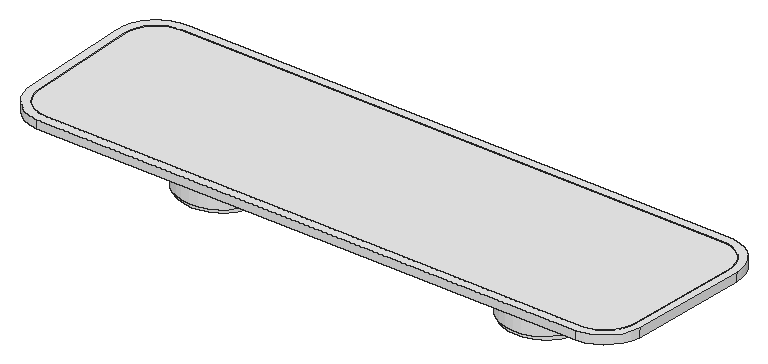
Revit family "MESA DE CENTRO RETANGULAR DUDA - 300X100X34", category Mobiliário, Revit 2021
Family settings
  Com base no plano de trabalho = Não
  Sempre na vertical = Sim
  Corte com vazios quando carregada = Não
  Compartilhado = Não
  Ponto de cálculo do ambiente = Não
Parameters
  t2 = 0.2 cm
  t1 = 1.2 cm
  raio 2 = 40 cm
  raio 1 = 55 cm
  largura = 90 cm
  comprimento = 400 cm
  altura = 76 cm
  Largura = 39 cm
  Espessura = 7 cm
  Material = none
  Elevação padrão = 0 cm
  ESTRUTURA MESA = .madeira_growarq
Reference planes (cm)
  plane 1 "Centro (Frente/Trás)": y = 0
  plane 2: z = 0
  plane 3 "Centro (Esquerda/Direita)": x = 0
Forms (cm)
  Extrusion 1, solid, not visible
    sketch origin (0, 0, 0) x (1, 0, 0) y (0, 1, 0)
      loop
        circle (0, 0) r 42
      loop
        circle (0, 0) r 41.5
    from 0 to 25
  Extrusion 2, void, not visible
    sketch origin (0, 0, 0) x (-1, 0, 0) y (0, 0, 1)
      loop
        line (54.0418, 25) -> (-45.8152, 25) -> (-45.8152, 19.8971)
        arc (-45.8152, 19.8971) -> (-34.6501, 22.4759) -> (-23.2934, 20.9475) r 31.9364
        arc (-23.2934, 20.9475) -> (3.0418, 14.6249) -> (30.0418, 12.5) r 172.5962
        line (30.0418, 12.5) -> (54.0418, 12.5) -> (54.0418, 25)
    from -44.0963 to 43.1212
  Extrusion 3, solid, material ".madeira_growarq" <- "ESTRUTURA MESA"
    sketch origin (0, 0, -42) x (1, 0, 0) y (0, 1, 0)
      loop
        arc (-143.7318, -32.6437) -> (-139.1297, -41.7242) -> (-129.7905, -45.7755) r 15
        arc (-129.7905, -45.7755) -> (-0.0048, -48.575) -> (129.781, -45.7759) r 3010
        arc (129.781, -45.7759) -> (139.1202, -41.7246) -> (143.7223, -32.6442) r 15
        arc (143.7223, -32.6442) -> (145.8886, -4.9427) -> (145.5657, 22.8415) r 310
        arc (145.5657, 22.8415) -> (141.8043, 33.1149) -> (132.0664, 38.1013) r 15
        arc (132.0664, 38.1013) -> (0.8402, 40.9999) -> (-130.3877, 38.1746) r 3010
        arc (-130.3877, 38.1746) -> (-141.2361, 33.7316) -> (-145.5752, 22.8414) r 15
        arc (-145.5752, 22.8414) -> (-145.8981, -4.9425) -> (-143.7318, -32.6437) r 310
    from 72 to 76
  Revolve 4, solid, material ".madeira_growarq" <- "ESTRUTURA MESA"
    sketch origin (59.9383, 0, 0) x (1, 0, 0) y (0, 0, 1)
      loop
        line (-140, 31) -> (-140, 0) -> (-121, 0) -> (-121, 2) -> (-120, 2) -> (-120, 21)
        arc (-120, 21) -> (-117.0711, 28.0711) -> (-110, 31) r 10
        line (-110, 31) -> (-140, 31)
      axis (-140, 31) -> (-140, 0)
    angle from 0 to 360
  Revolve 5, solid, material ".madeira_growarq" <- "ESTRUTURA MESA"
    sketch origin (216.0516, 0, 0) x (1, 0, 0) y (0, 0, 1)
      loop
        line (-140, 31) -> (-140, 0) -> (-121, 0) -> (-121, 2) -> (-120, 2) -> (-120, 21)
        arc (-120, 21) -> (-117.0711, 28.0711) -> (-110, 31) r 10
        line (-110, 31) -> (-140, 31)
      axis (-140, 31) -> (-140, 0)
    angle from 0 to 360
  Sweep 6, solid, material ".madeira_growarq" <- "ESTRUTURA MESA", not visible
    path origin (0, 0, 0) x (1, 0, 0) y (0, 1, 0)
      loop
        arc (-189.1134, -35.0334) -> (0, -41) -> (189.1134, -35.0334) r 3000
        arc (189.1134, -35.0334) -> (192.2265, -33.683) -> (193.7605, -30.6562) r 5
        arc (193.7605, -30.6562) -> (195.9563, -0.1768) -> (195.0401, 30.3679) r 300
        arc (195.0401, 30.3679) -> (193.5611, 33.5298) -> (190.3738, 34.9535) r 5
        arc (190.3738, 34.9535) -> (0, 41) -> (-190.3738, 34.9535) r 3000
        arc (-190.3738, 34.9535) -> (-193.5611, 33.5298) -> (-195.0402, 30.3679) r 5
        arc (-195.0402, 30.3679) -> (-195.9564, -0.1768) -> (-193.7605, -30.6562) r 300
        arc (-193.7605, -30.6562) -> (-192.2265, -33.683) -> (-189.1134, -35.0334) r 5
    profile origin (0, -41, 0) x (0, 1, 0) y (0, 0, 1)
      loop
        line (-10, 34) -> (-14, 34)
        arc (-14, 34) -> (-12.8284, 31.1716) -> (-10, 30) r 4
        line (-10, 30) -> (-10, 34)
  Extrusion 7, solid, material ".madeira_growarq" <- "ESTRUTURA MESA", not visible
    sketch origin (0, 0, -42) x (1, 0, 0) y (0, 1, 0)
      loop
        arc (-205.0075, 31.1764) -> (-205.9542, -0.3864) -> (-203.6851, -31.8818) r 310
        arc (-203.6851, -31.8818) -> (-199.0831, -40.9623) -> (-189.7438, -45.0135) r 15
        arc (-189.7438, -45.0135) -> (0, -51) -> (189.7438, -45.0135) r 3010
        arc (189.7438, -45.0135) -> (199.083, -40.9623) -> (203.6851, -31.8818) r 15
        arc (203.6851, -31.8818) -> (205.9541, -0.3864) -> (205.0074, 31.1764) r 310
        arc (205.0074, 31.1764) -> (200.5702, 40.6623) -> (191.0084, 44.9334) r 15
        arc (191.0084, 44.9334) -> (0, 51) -> (-191.0084, 44.9334) r 3010
        arc (-191.0084, 44.9334) -> (-200.5703, 40.6623) -> (-205.0075, 31.1764) r 15
    from 72 to 76
  Revolve 8, solid, material ".madeira_growarq" <- "ESTRUTURA MESA", not visible
    sketch origin (0, 0, 0) x (1, 0, 0) y (0, 0, 1)
      loop
        line (-140, 31) -> (-140, 0) -> (-121, 0) -> (-121, 2) -> (-120, 2) -> (-120, 21)
        arc (-120, 21) -> (-117.0711, 28.0711) -> (-110, 31) r 10
        line (-110, 31) -> (-140, 31)
      axis (-140, 31) -> (-140, 0)
    angle from 0 to 360
  Revolve 9, solid, material ".madeira_growarq" <- "ESTRUTURA MESA", not visible
    sketch origin (280, 0, 0) x (1, 0, 0) y (0, 0, 1)
      loop
        line (-140, 31) -> (-140, 0) -> (-121, 0) -> (-121, 2) -> (-120, 2) -> (-120, 21)
        arc (-120, 21) -> (-117.0711, 28.0711) -> (-110, 31) r 10
        line (-110, 31) -> (-140, 31)
      axis (-140, 31) -> (-140, 0)
    angle from 0 to 360
  Sweep 10, solid, material ".madeira_growarq" <- "ESTRUTURA MESA", not visible
    path origin (0, 0, 0) x (1, 0, 0) y (0, 1, 0)
      loop
        arc (-189.1134, -35.0334) -> (0, -41) -> (189.1134, -35.0334) r 3000
        arc (189.1134, -35.0334) -> (192.2265, -33.683) -> (193.7605, -30.6562) r 5
        arc (193.7605, -30.6562) -> (195.9563, -0.1768) -> (195.0401, 30.3679) r 300
        arc (195.0401, 30.3679) -> (193.5611, 33.5298) -> (190.3738, 34.9535) r 5
        arc (190.3738, 34.9535) -> (0, 41) -> (-190.3738, 34.9535) r 3000
        arc (-190.3738, 34.9535) -> (-193.5611, 33.5298) -> (-195.0402, 30.3679) r 5
        arc (-195.0402, 30.3679) -> (-195.9564, -0.1768) -> (-193.7605, -30.6562) r 300
        arc (-193.7605, -30.6562) -> (-192.2265, -33.683) -> (-189.1134, -35.0334) r 5
    profile origin (0, -41, 0) x (0, 1, 0) y (0, 0, 1)
      loop
        line (-10, 34) -> (-14, 34)
        arc (-14, 34) -> (-12.8284, 31.1716) -> (-10, 30) r 4
        line (-10, 30) -> (-10, 34)
  Extrusion 11, solid, material ".madeira_growarq" <- "ESTRUTURA MESA", not visible
    sketch origin (0, 0, -42) x (1, 0, 0) y (0, 1, 0)
      loop
        arc (-205.0075, 31.1764) -> (-205.9542, -0.3864) -> (-203.6851, -31.8818) r 310
        arc (-203.6851, -31.8818) -> (-199.0831, -40.9623) -> (-189.7438, -45.0135) r 15
        arc (-189.7438, -45.0135) -> (0, -51) -> (189.7438, -45.0135) r 3010
        arc (189.7438, -45.0135) -> (199.083, -40.9623) -> (203.6851, -31.8818) r 15
        arc (203.6851, -31.8818) -> (205.9541, -0.3864) -> (205.0074, 31.1764) r 310
        arc (205.0074, 31.1764) -> (200.5702, 40.6623) -> (191.0084, 44.9334) r 15
        arc (191.0084, 44.9334) -> (0, 51) -> (-191.0084, 44.9334) r 3010
        arc (-191.0084, 44.9334) -> (-200.5703, 40.6623) -> (-205.0075, 31.1764) r 15
    from 72 to 76
  Revolve 12, solid, material ".madeira_growarq" <- "ESTRUTURA MESA", not visible
    sketch origin (0, 0, 0) x (1, 0, 0) y (0, 0, 1)
      loop
        line (-140, 31) -> (-140, 0) -> (-121, 0) -> (-121, 2) -> (-120, 2) -> (-120, 21)
        arc (-120, 21) -> (-117.0711, 28.0711) -> (-110, 31) r 10
        line (-110, 31) -> (-140, 31)
      axis (-140, 31) -> (-140, 0)
    angle from 0 to 360
  Revolve 13, solid, material ".madeira_growarq" <- "ESTRUTURA MESA", not visible
    sketch origin (280, 0, 0) x (1, 0, 0) y (0, 0, 1)
      loop
        line (-140, 31) -> (-140, 0) -> (-121, 0) -> (-121, 2) -> (-120, 2) -> (-120, 21)
        arc (-120, 21) -> (-117.0711, 28.0711) -> (-110, 31) r 10
        line (-110, 31) -> (-140, 31)
      axis (-140, 31) -> (-140, 0)
    angle from 0 to 360
  Extrusion 14, solid, material ".madeira_growarq" <- "ESTRUTURA MESA"
    sketch origin (0, 0, -42) x (1, 0, 0) y (0, 1, 0)
      loop
        arc (-143.7318, -32.6437) -> (-139.1297, -41.7242) -> (-129.7905, -45.7755) r 15
        arc (-129.7905, -45.7755) -> (-0.0048, -48.575) -> (129.781, -45.7759) r 3010
        arc (129.781, -45.7759) -> (139.1202, -41.7246) -> (143.7223, -32.6442) r 15
        arc (143.7223, -32.6442) -> (145.8886, -4.9427) -> (145.5657, 22.8415) r 310
        arc (145.5657, 22.8415) -> (141.8043, 33.1149) -> (132.0664, 38.1013) r 15
        arc (132.0664, 38.1013) -> (0.8402, 40.9999) -> (-130.3877, 38.1746) r 3010
        arc (-130.3877, 38.1746) -> (-141.2361, 33.7316) -> (-145.5752, 22.8414) r 15
        arc (-145.5752, 22.8414) -> (-145.8981, -4.9425) -> (-143.7318, -32.6437) r 310
      loop
        arc (-147.7017, -33.134) -> (-141.857, -44.6504) -> (-130.0005, -49.7701) r 19
        arc (-130.0005, -49.7701) -> (-0.0048, -52.575) -> (129.991, -49.7705) r 3014
        arc (129.991, -49.7705) -> (141.8475, -44.6508) -> (147.6922, -33.1344) r 19
        arc (147.6922, -33.1344) -> (149.8839, -5.1499) -> (149.5676, 22.9186) r 314
        arc (149.5676, 22.9186) -> (144.7054, 35.8716) -> (132.3474, 42.0929) r 19
        arc (132.3474, 42.0929) -> (0.9469, 44.9999) -> (-130.4555, 42.1754) r 3014
        arc (-130.4555, 42.1754) -> (-144.0612, 36.5634) -> (-149.5772, 22.9185) r 19
        arc (-149.5772, 22.9185) -> (-149.8934, -5.1497) -> (-147.7017, -33.134) r 314
    from 72 to 76
Lines and regions (cm)
  Masking region 1, not visible
    outline origin (59.5453, 0, 0) x (1, 0, 0) y (0, 1, 0)
      loop
        line (-209.5453, -55) -> (90.4547, -55) -> (90.4547, 45) -> (-209.5453, 45) -> (-209.5453, -55)
  reference lines
    curve 1: line (-200, 9.4047, 0) -> (-200, -68.4494, 0)
    curve 2: line (200, -20.0865, 0) -> (200, -77.7824, 0)
    curve 3: line (-237.484, 45, 0) -> (301.6424, 45, 0)
    curve 4: line (-237.484, -45, 0) -> (287.6424, -45, 0)
    curve 5: line (0, -59.6808, 76) -> (0, 62.3192, 76)
    curve 6: line (0, -59.6808, 72) -> (0, 62.3192, 72)
    curve 7: line (24.6, 0, 67) -> (24.6, 0, 67.5)
    curve 8: line (200, 0, 76) -> (200, 0, 0)
    curve 9: line (-200, 0, 76) -> (-200, 0, 0)
    curve 10: line (-170, 0, 76) -> (-170, 0, 0)
    curve 11: line (170, 0, 76) -> (170, 0, 0)
    curve 12: line (-140, 0, 76) -> (-140, 0, 0)
    curve 13: line (140, 0, 76) -> (140, 0, 0)
Dimensions and locks (cm)
  equal spacing: curve 4, plane 1 "Centro (Frente/Trás)", curve 3
  equal spacing: curve 1, plane 3 "Centro (Esquerda/Direita)", curve 2
  "comprimento": curve 1 to curve 2
  "altura": curve 2 to curve 5
  equal spacing: curve 2, curve 6, curve 5
  curve 9 to curve 8 = 400 cm
  aligned and locked: level to plane 2
Automatic sketch dimensions
  profile plane to Sweep 6 sketch curve = 10 cm
  profile plane to Sweep 6 sketch curve = 14 cm
  Revolve 8 sketch curve to Revolve 8 sketch curve = 19 cm  (x2)
  Revolve 8 sketch curve to Revolve 8 sketch curve = 1 cm
  Revolve 8 sketch curve to Revolve 8 sketch curve = 10 cm
  Revolve 8 sketch curve to Revolve 8 sketch curve = 0 cm  (x3)
  Revolve 9 sketch curve to Revolve 9 sketch curve = 19 cm  (x2)
  Revolve 9 sketch curve to Revolve 9 sketch curve = 1 cm
  Revolve 9 sketch curve to Revolve 9 sketch curve = 10 cm
  Revolve 9 sketch curve to Revolve 9 sketch curve = 0 cm  (x3)
  Sweep 6 sketch curve to Sweep 6 sketch curve = 0.3152 cm
  Sweep 6 sketch curve to Sweep 6 sketch curve = 0 cm  (x7)
  Sweep 6 sketch curve to Sweep 6 sketch curve = 4.9623 cm
  Sweep 6 sketch curve to Sweep 6 sketch curve = 6.242 cm
  Sweep 6 sketch curve to Sweep 6 sketch curve = 4.9836 cm  (x2)
  Sweep 6 sketch curve to Sweep 6 sketch curve = 2923.9666 cm
  Sweep 6 sketch curve to Sweep 6 sketch curve = 0.3173 cm
  Sweep 6 sketch curve to Sweep 6 sketch curve = 4.6471 cm
  Extrusion 7 sketch curve to Extrusion 7 sketch curve = 0 cm  (x7)
  Extrusion 7 sketch curve to Extrusion 7 sketch curve = 2913.9865 cm
  Extrusion 7 sketch curve to Extrusion 7 sketch curve = 0.9519 cm
  Extrusion 7 sketch curve to Extrusion 7 sketch curve = 2914.0666 cm
  Extrusion 7 sketch curve to Extrusion 7 sketch curve = 1.2583 cm  (x2)
  Extrusion 7 sketch curve to Extrusion 7 sketch curve = 2928.9566 cm
  Extrusion 7 sketch curve to Extrusion 7 sketch curve = 84.8205 cm  (x2)
  Sweep 6 sketch curve to Sweep 6 sketch curve = 86.0788 cm
  Sweep 6 sketch curve to Sweep 6 sketch curve = 189.1134 cm
  Sweep 6 sketch curve to Sweep 6 sketch curve = 195.0402 cm
  Sweep 6 sketch curve to Sweep 6 sketch curve = 207.9554 cm
  Sweep 6 sketch curve to Sweep 6 sketch curve = 84.8205 cm
  Sweep 6 sketch curve to Sweep 6 sketch curve = 1.2583 cm
  Sweep 6 sketch curve to Sweep 6 sketch curve = 4.9901 cm
  profile plane to Sweep 6 sketch curve = 30 cm
  Extrusion 7 sketch curve to Extrusion 7 sketch curve = 191.0084 cm
  Extrusion 7 sketch curve to Extrusion 7 sketch curve = 188.7982 cm
  Extrusion 7 sketch curve to Extrusion 7 sketch curve = 207.9554 cm
  Extrusion 7 sketch curve to Extrusion 7 sketch curve = 36.1561 cm  (x2)
  Extrusion 7 sketch curve to Extrusion 7 sketch curve = 60.007 cm  (x2)
  Revolve 8 sketch curve to Revolve 8 sketch curve = 2 cm
  Revolve 9 sketch curve to Revolve 9 sketch curve = 2 cm
  profile plane to Sweep 10 sketch curve = 10 cm
  profile plane to Sweep 10 sketch curve = 14 cm
  Revolve 12 sketch curve to Revolve 12 sketch curve = 19 cm  (x2)
  Revolve 12 sketch curve to Revolve 12 sketch curve = 1 cm
  Revolve 12 sketch curve to Revolve 12 sketch curve = 10 cm
  Revolve 12 sketch curve to Revolve 12 sketch curve = 0 cm  (x3)
  Revolve 13 sketch curve to Revolve 13 sketch curve = 19 cm  (x2)
  Revolve 13 sketch curve to Revolve 13 sketch curve = 1 cm
  Revolve 13 sketch curve to Revolve 13 sketch curve = 10 cm
  Revolve 13 sketch curve to Revolve 13 sketch curve = 0 cm  (x3)
  Sweep 10 sketch curve to Sweep 10 sketch curve = 0.3152 cm
  Sweep 10 sketch curve to Sweep 10 sketch curve = 0 cm  (x7)
  Sweep 10 sketch curve to Sweep 10 sketch curve = 4.9623 cm
  Sweep 10 sketch curve to Sweep 10 sketch curve = 6.242 cm
  Sweep 10 sketch curve to Sweep 10 sketch curve = 4.9836 cm  (x2)
  Sweep 10 sketch curve to Sweep 10 sketch curve = 2923.9666 cm
  Sweep 10 sketch curve to Sweep 10 sketch curve = 0.3173 cm
  Sweep 10 sketch curve to Sweep 10 sketch curve = 4.6471 cm
  Extrusion 11 sketch curve to Extrusion 11 sketch curve = 0 cm  (x7)
  Extrusion 11 sketch curve to Extrusion 11 sketch curve = 2913.9865 cm
  Extrusion 11 sketch curve to Extrusion 11 sketch curve = 0.9519 cm
  Extrusion 11 sketch curve to Extrusion 11 sketch curve = 2914.0666 cm
  Extrusion 11 sketch curve to Extrusion 11 sketch curve = 1.2583 cm  (x2)
  Extrusion 11 sketch curve to Extrusion 11 sketch curve = 2928.9566 cm
  Extrusion 11 sketch curve to Extrusion 11 sketch curve = 84.8205 cm  (x2)
  Sweep 10 sketch curve to Sweep 10 sketch curve = 86.0788 cm
  Sweep 10 sketch curve to Sweep 10 sketch curve = 189.1134 cm
  Sweep 10 sketch curve to Sweep 10 sketch curve = 195.0402 cm
  Sweep 10 sketch curve to Sweep 10 sketch curve = 207.9554 cm
  Sweep 10 sketch curve to Sweep 10 sketch curve = 84.8205 cm
  Sweep 10 sketch curve to Sweep 10 sketch curve = 1.2583 cm
  Sweep 10 sketch curve to Sweep 10 sketch curve = 4.9901 cm
  profile plane to Sweep 10 sketch curve = 30 cm
  Extrusion 11 sketch curve to Extrusion 11 sketch curve = 191.0084 cm
  Extrusion 11 sketch curve to Extrusion 11 sketch curve = 188.7982 cm
  Extrusion 11 sketch curve to Extrusion 11 sketch curve = 207.9554 cm
  Extrusion 11 sketch curve to Extrusion 11 sketch curve = 36.1561 cm  (x2)
  Extrusion 11 sketch curve to Extrusion 11 sketch curve = 60.007 cm  (x2)
  Revolve 12 sketch curve to Revolve 12 sketch curve = 2 cm
  Revolve 13 sketch curve to Revolve 13 sketch curve = 2 cm
  plane 1 "Centro (Frente/Trás)" to curve 2 = 77.7824 cm
  curve 3 to curve 1 = 37.484 cm
  curve 4 to curve 1 = 37.484 cm
  plane 1 "Centro (Frente/Trás)" to curve 4 = 45 cm
  curve 2 to curve 4 = 87.6424 cm
  curve 4 to curve 3 = 14 cm
  curve 1 to curve 4 = 23.4494 cm
  plane 1 "Centro (Frente/Trás)" to curve 2 = 20.0865 cm
  curve 1 to plane 1 "Centro (Frente/Trás)" = 9.4047 cm
  plane 1 "Centro (Frente/Trás)" to curve 6 = 59.6808 cm
  curve 5 to curve 6 = 0 cm  (x2)
  curve 6 to plane 1 "Centro (Frente/Trás)" = 62.3192 cm
  curve 6 to curve 5 = 4 cm
  curve 9 to level = 0 cm
  curve 10 to level = 0 cm
  curve 12 to level = 0 cm
  curve 13 to level = 0 cm
  curve 11 to level = 0 cm
  curve 8 to level = 0 cm
  curve 9 to plane 3 "Centro (Esquerda/Direita)" = 200 cm
  curve 9 to curve 10 = 30 cm
  curve 10 to curve 12 = 30 cm
  plane 3 "Centro (Esquerda/Direita)" to curve 7 = 24.6 cm
  curve 13 to curve 8 = 60 cm
  curve 11 to curve 8 = 30 cm
  level to curve 7 = 67 cm
  curve 7 to curve 7 = 0.5 cm
  level to curve 8 = 76 cm
  level to curve 12 = 76 cm
  curve 11 to curve 8 = 0 cm
  curve 13 to curve 11 = 0 cm
  curve 9 to curve 12 = 0 cm
  curve 10 to curve 9 = 0 cm
  Extrusion 3 sketch curve to plane 3 "Centro (Esquerda/Direita)" = 0 cm  (x2)
  plane 1 "Centro (Frente/Trás)" to Extrusion 3 sketch curve = 30.8053 cm
  Extrusion 3 sketch curve to plane 3 "Centro (Esquerda/Direita)" = 128.8449 cm
  Extrusion 3 sketch curve to plane 1 "Centro (Frente/Trás)" = 23.1758 cm
  Extrusion 3 sketch curve to Extrusion 3 sketch curve = 1.734 cm  (x2)
  Extrusion 3 sketch curve to plane 1 "Centro (Frente/Trás)" = 5.3504 cm
  Extrusion 3 sketch curve to Extrusion 3 sketch curve = 33.3616 cm  (x2)
  plane 1 "Centro (Frente/Trás)" to Extrusion 3 sketch curve = 30.8057 cm
  plane 3 "Centro (Esquerda/Direita)" to Extrusion 3 sketch curve = 128.8354 cm
  Extrusion 3 sketch curve to plane 1 "Centro (Frente/Trás)" = 23.1762 cm
  Extrusion 3 sketch curve to plane 1 "Centro (Frente/Trás)" = 5.3508 cm
  Extrusion 3 sketch curve to Extrusion 3 sketch curve = 2938.1943 cm
  Extrusion 3 sketch curve to Extrusion 3 sketch curve = 2938.2487 cm
  Extrusion 3 sketch curve to Extrusion 3 sketch curve = 0.9456 cm  (x2)
  Extrusion 3 sketch curve to Extrusion 3 sketch curve = 0.1912 cm
  Extrusion 3 sketch curve to Extrusion 3 sketch curve = 14.8869 cm
  Extrusion 3 sketch curve to Extrusion 3 sketch curve = 0 cm  (x2)
  Extrusion 3 sketch curve to Extrusion 3 sketch curve = 14.9963 cm
  Extrusion 3 sketch curve to Extrusion 3 sketch curve = 1.497 cm
  Revolve 4 sketch curve to level = 0 cm  (x2)
  level to Revolve 4 sketch curve = 31 cm
  Revolve 4 sketch curve to plane 3 "Centro (Esquerda/Direita)" = 80.0617 cm
  Revolve 4 sketch curve to Revolve 4 sketch curve = 19 cm
  Revolve 4 sketch curve to Revolve 4 sketch curve = 1 cm
  Revolve 4 sketch curve to Revolve 4 sketch curve = 10 cm
  level to Revolve 4 sketch curve = 2 cm
  Revolve 4 sketch curve to Revolve 4 sketch curve = 0 cm  (x2)
  Revolve 5 sketch curve to level = 0 cm  (x2)
  level to Revolve 5 sketch curve = 31 cm
  plane 3 "Centro (Esquerda/Direita)" to Revolve 5 sketch curve = 76.0516 cm
  Revolve 5 sketch curve to Revolve 5 sketch curve = 19 cm
  Revolve 5 sketch curve to Revolve 5 sketch curve = 1 cm
  Revolve 5 sketch curve to Revolve 5 sketch curve = 10 cm
  level to Revolve 5 sketch curve = 2 cm
  Revolve 5 sketch curve to Revolve 5 sketch curve = 0 cm  (x2)
  Masking region 1 sketch curve to plane 1 "Centro (Frente/Trás)" = 45 cm
  Masking region 1 sketch curve to plane 3 "Centro (Esquerda/Direita)" = 150 cm
  plane 3 "Centro (Esquerda/Direita)" to Masking region 1 sketch curve = 150 cm
  plane 1 "Centro (Frente/Trás)" to Masking region 1 sketch curve = 55 cm
  Extrusion 14 sketch curve to Extrusion 14 sketch curve = 0 cm  (x20)
  Extrusion 14 sketch curve to plane 3 "Centro (Esquerda/Direita)" = 0 cm  (x2)
  plane 1 "Centro (Frente/Trás)" to Extrusion 14 sketch curve = 30.8053 cm
  Extrusion 14 sketch curve to plane 3 "Centro (Esquerda/Direita)" = 128.8449 cm
  Extrusion 14 sketch curve to plane 1 "Centro (Frente/Trás)" = 23.1758 cm
  Extrusion 14 sketch curve to Extrusion 14 sketch curve = 1.734 cm  (x2)
  Extrusion 14 sketch curve to plane 1 "Centro (Frente/Trás)" = 5.3504 cm
  Extrusion 14 sketch curve to Extrusion 14 sketch curve = 33.3616 cm  (x2)
  plane 1 "Centro (Frente/Trás)" to Extrusion 14 sketch curve = 30.8057 cm
  plane 3 "Centro (Esquerda/Direita)" to Extrusion 14 sketch curve = 128.8354 cm
  Extrusion 14 sketch curve to plane 1 "Centro (Frente/Trás)" = 23.1762 cm
  Extrusion 14 sketch curve to plane 1 "Centro (Frente/Trás)" = 5.3508 cm
  Extrusion 14 sketch curve to Extrusion 14 sketch curve = 2938.1943 cm
  Extrusion 14 sketch curve to Extrusion 14 sketch curve = 0.9456 cm  (x2)
  Extrusion 14 sketch curve to Extrusion 14 sketch curve = 0.21 cm  (x2)
  Extrusion 14 sketch curve to Extrusion 14 sketch curve = 0.1912 cm
  Extrusion 14 sketch curve to Extrusion 14 sketch curve = 0.0678 cm
  Extrusion 14 sketch curve to Extrusion 14 sketch curve = 14.8869 cm
  Extrusion 14 sketch curve to Extrusion 14 sketch curve = 14.9963 cm
  Extrusion 14 sketch curve to Extrusion 14 sketch curve = 3.9698 cm
  Extrusion 14 sketch curve to Extrusion 14 sketch curve = 4.002 cm  (x2)
  Extrusion 14 sketch curve to Extrusion 14 sketch curve = 1.497 cm
  Extrusion 14 sketch curve to Extrusion 14 sketch curve = 0.281 cm
